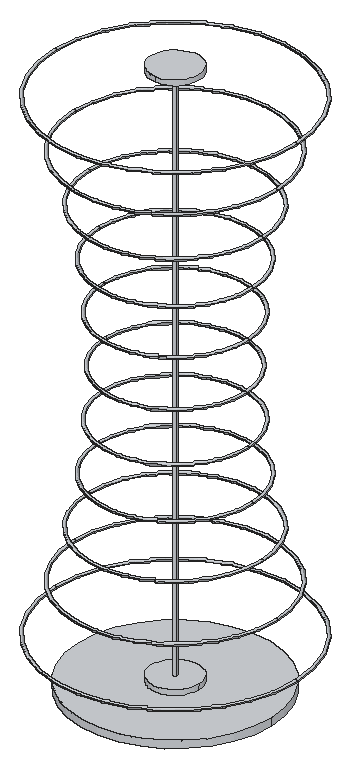
Revit family "2L", category Modelos genéricos, Revit 2016
Family settings
  Tipo de pieza = Normal
  Puede alojar armadura = No
  Cota de conector redondo = Diámetro de uso
  Se basa en plano de trabajo = No
  Siempre vertical = Sí
  Corte con vacíos al cargar = No
  Compartido = No
  Punto de cálculo de habitación = No
Parameters
  R5 [instance] = 50 mm
  R4 [instance] = 200 mm
  R3 [instance] = 1.5 * R2  # 3.75 mm
  R2 = 2.5 mm
  N = 6
  B1 = 5 mm
  A2 = 10 mm
  A3 [instance] = 1150 mm
  A1 = 15 mm
Reference planes
  plane 1 "Centro (Frontal/Posterior)": y = 0
  plane 2: z = 0
  plane 3 "Centro (Izquierda/Derecha)": x = 0
  plane 4: z = 1150
Forms (mm)
  Extrusion 1, solid
    sketch origin (0, 0, 0) x (1, 0, 0) y (0, 1, 0)
      loop
        circle (0, 0) r 200
    from 0 to 15
  Extrusion 2, solid
    sketch origin (0, 0, 0) x (1, 0, 0) y (0, 1, 0)
      loop
        circle (0, 0) r 50
    from 15 to 25
  Extrusion 3, solid
    sketch origin (0, 0, 0) x (1, 0, 0) y (0, 1, 0)
      loop
        circle (0, 0) r 3.75
    from 25 to 1150
  Extrusion 4, solid
    sketch origin (4267.2, -427.911, 1150) x (0, -1, 0) y (1, 0, 0)
      loop
        circle (-427.911, -4267.2) r 50
    from 0 to 10
Dimensions and locks
  "A1": Extrusion 1 to Extrusion 1
  "A2": Extrusion 4 to Extrusion 4
  "A3": plane 4 to plane 2
  "A2": Extrusion 2 to Extrusion 1
  "R4": radius of Extrusion 1 sketch curve
  "R5": radius of Extrusion 2 sketch curve
  "R3": radius of Extrusion 3 sketch curve
  "R5": radius of Extrusion 4 sketch curve
  aligned and locked: level to plane 2
  aligned and locked: Extrusion 3 to Extrusion 2
  aligned and locked: Extrusion 2 to Extrusion 1
  aligned and locked: plane 4 to Extrusion 3
Automatic sketch dimensions
  plane 1 "Centro (Frontal/Posterior)" to Extrusion 1 sketch curve = 0 mm
  Extrusion 1 sketch curve to plane 3 "Centro (Izquierda/Derecha)" = 0 mm
  plane 1 "Centro (Frontal/Posterior)" to Extrusion 2 sketch curve = 0 mm
  Extrusion 2 sketch curve to plane 3 "Centro (Izquierda/Derecha)" = 0 mm
  plane 1 "Centro (Frontal/Posterior)" to Extrusion 3 sketch curve = 0 mm
  Extrusion 3 sketch curve to plane 3 "Centro (Izquierda/Derecha)" = 0 mm
  plane 1 "Centro (Frontal/Posterior)" to Extrusion 4 sketch curve = 0 mm
  Extrusion 4 sketch curve to plane 3 "Centro (Izquierda/Derecha)" = 0 mm
Nested families
  nested 1: "Lamp" at (0, 0, 100), type "Lamp"
    with R1 250 mm, R2 2.5 mm
  nested 2: "Lamp" at (0, 0, 200), type "Lamp"
    with R1 210 mm, R2 2.5 mm
  nested 3: "Lamp" at (0, 0, 300), type "Lamp"
    with R1 180 mm, R2 2.5 mm
  nested 4: "Lamp" at (0, 0, 400), type "Lamp"
    with R1 160 mm, R2 2.5 mm
  nested 5: "Lamp" at (0, 0, 500), type "Lamp"
    with R1 150 mm, R2 2.5 mm
  nested 6: "Lamp" at (0, 0, 600), type "Lamp"
    with R1 145 mm, R2 2.5 mm
  nested 7: "Lamp" at (0, 0, 700), type "Lamp"
    with R1 150 mm, R2 2.5 mm
  nested 8: "Lamp" at (0, 0, 800), type "Lamp"
    with R1 160 mm, R2 2.5 mm
  nested 9: "Lamp" at (0, 0, 900), type "Lamp"
    with R1 180 mm, R2 2.5 mm
  nested 10: "Lamp" at (0, 0, 1000), type "Lamp"
    with R1 210 mm, R2 2.5 mm
  nested 11: "Lamp" at (0, 0, 1100), type "Lamp"
    with R1 250 mm, R2 2.5 mm
Definition of nested family "Lamp"
  Parameters (values of type "Lamp")
    R1 [instance] = 1400 mm
    R2 = 5 mm
  Reference planes
    plane 1 "Centro (Frontal/Posterior)": y = 0
    plane 2: z = 0
    plane 3 "Centro (Izquierda/Derecha)": x = 0
  Forms (mm)
    Sweep 1, solid
      path in 3D
        loop
          arc (-1400, 0, 0) -> (0, -1400, 0) -> (1400, 0, 0) r 1400
          arc (1400, 0, 0) -> (0, 1400, 0) -> (-1400, 0, 0) r 1400
      profile origin (0, 1400, 0) x (0, -1, 0) y (0, 0, 1)
        loop
          circle (0, 0) r 5
  Lines and regions (mm)
    reference lines
      curve 1: circle (0, 0, 0) r 1400 normal (0, 0, 1)
    sketch lines
      curve 2: circle (0, 0, 0) r 1400 normal (0, 0, 1)
  Dimensions and locks
    "R1": radius of curve 1
    "R2": radius of Sweep 1 sketch curve
    aligned and locked: level to plane 2
  Automatic sketch dimensions
    plane 1 "Centro (Frontal/Posterior)" to curve 1 = 0 mm
    curve 1 to plane 3 "Centro (Izquierda/Derecha)" = 0 mm
    Sweep 1 sketch curve to profile plane = 0 mm  (x2)
